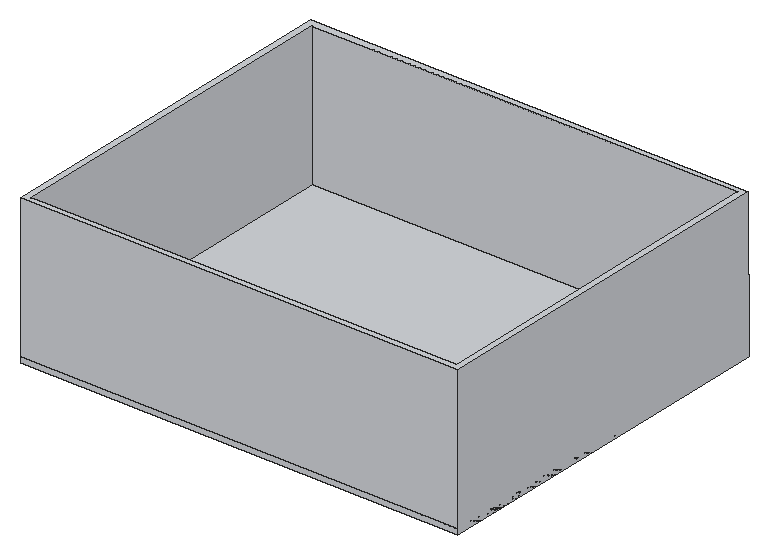
Revit family "EWS2", category Generic Models, Revit 2017
Family settings
  Can host rebar = No
  Round Connector Dimension = Use Diameter
  Part Type = Normal
  Work Plane-Based = Yes
  Always vertical = No
  Cut with Voids When Loaded = No
  Shared = No
  Room Calculation Point = No
Parameters (values of type "NBS Standard Parameters")
  Weight = "0.09Kg"
  WarrantyStartDate [instance] = "1900-12-31T23:59:59"
  WarrantyGuarantorParts = "n/a"
  WarrantyGuarantorLabor = "n/a"
  WarrantyDurationUnit = "1 year"
  WarrantyDurationParts = "n/a"
  WarrantyDurationLabor = "n/a"
  WarrantyDescription = "n/a"
  Version = "1"
  Uniclass2 = "Pr_65_72_97_84"
  TagNumber [instance] = "n/a"
  SustainabilityPerformance = "n/a"
  Size = "25mm"
  Shape = "Square"
  SerialNumber [instance] = "n/a"
  Revision = "n/a"
  ReplacementCost = "n/a"
  ProductInformation = "www.metpro.co.uk/pdf/ews2.pdf"
  NominalWidth = 75 mm
  NominalLength = 75 mm
  NominalHeight = 26.1 mm
  Name = ""
  NBSTypeID = ""
  NBSReference = "90-60-25/345"
  NBSOfficeMasterTag = ""
  NBSNote = ""
  NBSDescription = "Standard Socket Outlets"
  NBSCertification = ""
  ModelReference = "EWS2"
  ModelNumber = "n/a"
  Material = "Sheet Steel To Comply with BS4667"
  ManufacturerURL = "www.metpro.co.uk"
  ManufacturerName = "Metpro Ltd"
  Keynote = "Compliant to BS4662 & LU Standard 1-085 (For Use on Surface & Sub-Surface Locations)"
  InstallationDate [instance] = "1900-12-31T23:59:59"
  IfcExportType = ""
  IfcExportAs = ""
  Grade = "n/a"
  Finish = "Pre Galvanised"
  Features = "n/a"
  ExpectedLife = "n/a"
  DurationUnit = "year"
  Description = "EWS2 -25mm 1 Gang Switch & Socket Box"
  Default Elevation = 1219.2 mm
  Constituents = "n/a"
  Color = "n/a"
  CodePerformance = "n/a"
  Category = "n/a"
  BarCode [instance] = "n/a"
  BIMObjectName = "Metpro_metprolibrary_standardsocketoutlets_switchandsocketboxes_metal"
  Author = "Metpro Limited"
  AssetType = ""
  AssetIdentifier [instance] = "n/a"
  AccessibilityPerformance = "n/a"
Reference planes
  plane 1 "Center (Front/Back)": y = 0
  plane 2: z = 0
  plane 3 "Center (Left/Right)": x = 0
Forms (mm)
  Extrusion 1, solid
    sketch origin (23.803, -18.044, 28.244) x (0, 1, 0) y (-1, 0, 0)
      loop
        line (62.288, 147.378) -> (0, 147.378) -> (0, 72.378) -> (62.288, 72.378) -> (62.288, 147.378)
      loop
        line (61.288, 146.378) -> (1, 146.378) -> (1, 73.378) -> (61.288, 73.378) -> (61.288, 146.378)
    from -16 to 9.3
  Extrusion 2, solid
    sketch origin (23.803, -18.044, 12.244) x (0, 1, 0) y (-1, 0, 0)
      loop
        line (62.288, 147.378) -> (0, 147.378) -> (0, 72.378) -> (62.288, 72.378) -> (62.288, 147.378)
    from 0 to 0.9
Dimensions and locks
  aligned and locked: level to plane 2
